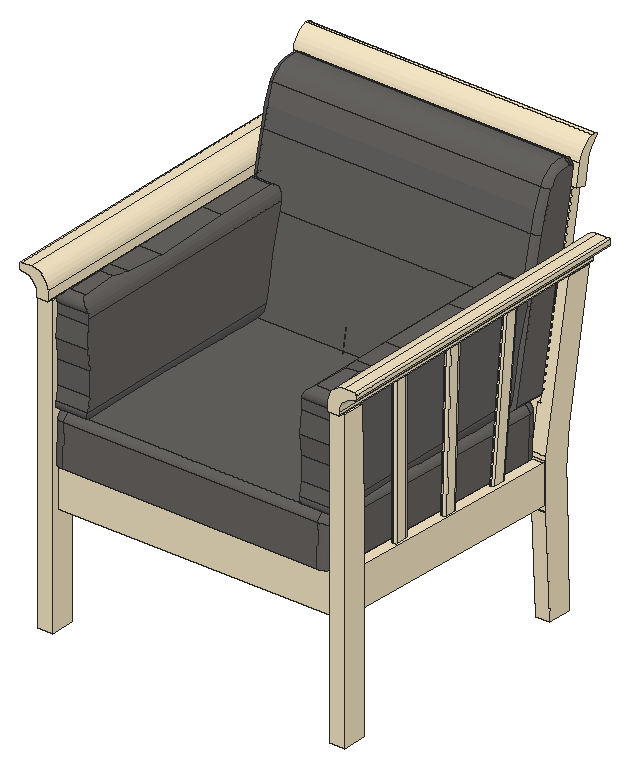
Revit family
Parameters
  Width (mm) = 700 mm
  Weight Net (kg) = 0 mm
  URL = "http://stolab.bimobject.com/8001"
  UNSPC Code = ""
  UNSPC Category = ""
  Product group = "Sundborn"
  Product family = "Easy Charirs-Sofas"
  Product data URL = ""
  Product SKU = "8001"
  Model = "Sundborn 8001"
  Material-Seat = Fabrics Linen
  Material-Legs = Birch_vert
  Manufacturer = "Stolab"
  Manufacture country = "Sweden"
  Installation instructions = ""
  IFC Classification = "Furniture"
  Height (mm) = 840 mm
  Edition number = "1"
  EAN code = ""
  Design country = "Sweden"
  Depth (mm) = 740 mm
  Date of publishing = ""
  BIM objet QR code URL = ""
  BIM object Category = "Furniture"
Reference planes
  plane 1 "Center (Front/Back)": y = 0
  plane 2: z = 0
  plane 3 "Center (Left/Right)": x = 0
Forms (mm)
  Extrusion 1, solid, material "Birch_vert" <- "Material-Legs"
    sketch origin (0, 1500, 0) x (1, 0, 0) y (0, 1, 0)
      loop
        line (-290, -1825.601) -> (290, -1825.601) -> (290, -1800.601) -> (-290, -1800.601) -> (-290, -1825.601)
    from 230 to 320
  Extrusion 2, solid, material "Fabrics Linen" <- "Material-Seat"
    sketch origin (0, 2343.751, 226.177) x (0, 0.999371, -0.035452) y (-1, 0, 0)
      loop
        arc (-2141.621, 263.981) -> (-2148.943, 281.658) -> (-2166.621, 288.981) r 25
        line (-2166.621, 288.981) -> (-2666.77, 288.981)
        arc (-2666.77, 288.981) -> (-2684.447, 281.658) -> (-2691.77, 263.981) r 25
        line (-2691.77, 263.981) -> (-2691.77, -267.905)
        arc (-2691.77, -267.905) -> (-2684.447, -285.583) -> (-2666.77, -292.905) r 25
        line (-2666.77, -292.905) -> (-2166.621, -292.905)
        arc (-2166.621, -292.905) -> (-2148.943, -285.583) -> (-2141.621, -267.905) r 25
        line (-2141.621, -267.905) -> (-2141.621, 263.981)
    from 0 to 100.295
  Extrusion 3, solid, material "Birch_vert" <- "Material-Legs"
    sketch origin (0, 0, 0) x (1, 0, 0) y (0, 1, 0)
      loop
        line (-320, 327.386) -> (-320, 176.168) -> (-290, 176.168) -> (-290, 327.386) -> (-320, 327.386)
    from 0 to 643.267
  Extrusion 4, void
    sketch origin (0, 0, 0) x (0, -1, 0) y (0, 0, 1)
      loop
        line (-248.437, 350.486) -> (-242.445, 266.014) -> (-243.885, 242.054) -> (-249.649, 0) -> (-199.649, 0) -> (-189.706, 208.772) -> (-189.649, 211.151) -> (-189.649, 305.199)
        arc (-189.649, 305.199) -> (-189.878, 309.98) -> (-190.564, 314.718) r 49.976
        line (-190.564, 314.718) -> (-250.768, 625) -> (-301.701, 625) -> (-248.437, 350.486)
      loop
        line (-356.073, 659.173) -> (-356.073, -20.827) -> (-156.073, -20.827) -> (-156.073, 659.173) -> (-356.073, 659.173)
    from 236.552 to 340.575
  Extrusion 5, solid, material "Birch_vert" <- "Material-Legs"
    sketch origin (0, 0, 0) x (-1, 0, 0) y (0, -1, 0)
      loop
        line (-320, -327.386) -> (-290, -327.386) -> (-290, -176.168) -> (-320, -176.168) -> (-320, -327.386)
    from 0 to 643.267
  Extrusion 6, void
    sketch origin (0, 0, 0) x (0, -1, 0) y (0, 0, -1)
      loop
        line (-248.437, -350.486) -> (-301.701, -625) -> (-250.768, -625) -> (-190.564, -314.718)
        arc (-190.564, -314.718) -> (-189.878, -309.98) -> (-189.649, -305.199) r 49.976
        line (-189.649, -305.199) -> (-189.649, -211.151) -> (-189.706, -208.772) -> (-199.649, 0) -> (-249.649, 0) -> (-243.885, -242.054) -> (-242.445, -266.014) -> (-248.437, -350.486)
      loop
        line (-356.073, -659.173) -> (-156.073, -659.173) -> (-156.073, 20.827) -> (-356.073, 20.827) -> (-356.073, -659.173)
    from 236.552 to 340.575
  Extrusion 7, solid, material "Birch_vert" <- "Material-Legs"
    sketch origin (0, 0, 0) x (0, 1, 0) y (0, 0, 1)
      loop
        line (-288.351, 425) -> (-293.351, 625) -> (-338.351, 625) -> (-338.351, 0) -> (-288.351, 0) -> (-288.351, 425)
    from -321.42 to -290
  Extrusion 8, solid, material "Birch_vert" <- "Material-Legs"
    sketch origin (0, 0, 0) x (0, 1, 0) y (0, 0, -1)
      loop
        line (-288.351, -425) -> (-288.351, 0) -> (-338.351, 0) -> (-338.351, -625) -> (-293.351, -625) -> (-288.351, -425)
    from -321.42 to -290
  Sweep 9, solid, material "Fabrics Linen" <- "Material-Seat"
    path origin (586.615, -1540.25, 527.009) x (1, 0, 0) y (0, 1, 0)
      loop
        line (-277.233, 1205.494) -> (-277.233, 1737.895)
    profile origin (309.382, -68.556, 527.009) x (-1, 0, 0) y (0, 0, 1)
      loop
        arc (86.558, 84.263) -> (51.542, 119.248) -> (16.558, 84.232) r 35
        line (16.558, 84.232) -> (16.636, -92.114)
        arc (16.636, -92.114) -> (51.652, -127.099) -> (86.636, -92.083) r 35
        line (86.636, -92.083) -> (86.558, 84.263)
  Extrusion 10, void
    sketch origin (295, 321.25, 1205) x (0, -1, 0) y (0, 0, -1)
      loop
        arc (653.709, 769.269) -> (651.812, 782.243) -> (639.547, 786.876) r 12.919
        line (639.547, 786.876) -> (624.163, 786.196) -> (613.584, 784.55) -> (444.646, 782.997) -> (275.967, 791.202) -> (192.384, 800.132) -> (179.819, 733.674) -> (171.206, 686.908) -> (156.408, 634.467) -> (148.471, 610.74) -> (143.7, 576.482)
        arc (143.7, 576.482) -> (146.267, 568.486) -> (154.12, 565.512) r 9.672
        line (154.12, 565.512) -> (283.271, 565.302) -> (442.402, 568.817) -> (524.664, 565.237) -> (558.896, 560.977) -> (632.387, 563.543)
        arc (632.387, 563.543) -> (648.447, 569.143) -> (649.533, 586.117) r 15.384
        line (649.533, 586.117) -> (649.533, 608.574)
        arc (649.533, 608.574) -> (652.44, 630.108) -> (653.316, 651.819) r 231.492
        arc (653.316, 651.819) -> (651.165, 672.563) -> (648.426, 693.237) r 734.176
        line (648.426, 693.237) -> (648.426, 742.09) -> (653.709, 769.269)
      loop
        line (670, 553.732) -> (670, 808.4) -> (115, 808.4) -> (115, 553.732) -> (670, 553.732)
    from -125.095 to 66.292
  Sweep 11, void
    path in 3D
      loop
        arc (267.905, -342.771, 421.837) -> (285.583, -335.453, 421.577) -> (292.905, -317.786, 420.95) r 25
        line (292.905, -317.786, 420.95) -> (292.905, 182.048, 403.219)
        arc (292.905, 182.048, 403.219) -> (285.583, 199.714, 402.593) -> (267.905, 207.032, 402.333) r 25
        line (267.905, 207.032, 402.333) -> (-263.981, 207.032, 402.333)
        arc (-263.981, 207.032, 402.333) -> (-281.658, 199.714, 402.593) -> (-288.981, 182.048, 403.219) r 25
        line (-288.981, 182.048, 403.219) -> (-288.981, -317.786, 420.95)
        arc (-288.981, -317.786, 420.95) -> (-281.658, -335.453, 421.577) -> (-263.981, -342.771, 421.837) r 25
        line (-263.981, -342.771, 421.837) -> (267.905, -342.771, 421.837)
    profile origin (1.962, -342.771, 421.837) x (0, 0.999371, -0.035452) y (0, 0.035452, 0.999371)
      loop
        line (15.827, 0.326) -> (-0.173, 0.326) -> (-0.173, -16.775)
        arc (-0.173, -16.775) -> (4.832, -5.422) -> (15.827, 0.326) r 18.762
  Extrusion 12, solid, material "Fabrics Linen" <- "Material-Seat"
    sketch origin (0, 0, 0) x (0, 1, 0) y (0, 0, 1)
      loop
        line (133.209, 405.145) -> (226.13, 402.241) -> (303.668, 801.863)
        arc (303.668, 801.863) -> (301.141, 812.725) -> (292.139, 819.306) r 16.02
        line (292.139, 819.306) -> (286.885, 820.793)
        arc (286.885, 820.793) -> (251.119, 816.556) -> (225.76, 790.981) r 54.64
        arc (225.76, 790.981) -> (210.774, 753.431) -> (200.827, 714.243) r 308.528
        line (200.827, 714.243) -> (171.379, 592.525) -> (133.209, 405.145)
    from -293.5 to 293.5
  Sweep 13, void
    path in 3D
      loop
        line (293.5, 226.13, 402.241) -> (293.5, 303.668, 801.863)
        arc (293.5, 303.668, 801.863) -> (293.5, 301.141, 812.725) -> (293.5, 292.139, 819.306) r 16.02
        line (293.5, 292.139, 819.306) -> (293.5, 286.885, 820.793)
        arc (293.5, 286.885, 820.793) -> (293.5, 251.119, 816.556) -> (293.5, 225.76, 790.981) r 54.64
        arc (293.5, 225.76, 790.981) -> (293.5, 210.774, 753.431) -> (293.5, 200.827, 714.243) r 308.528
        line (293.5, 200.827, 714.243) -> (293.5, 171.379, 592.525) -> (293.5, 133.209, 405.145) -> (293.5, 226.13, 402.241)
    profile origin (293.5, 179.67, 403.693) x (0, 0.031233, 0.999512) y (1, 0, 0)
      loop
        line (-2.273, 1.874) -> (-2.273, -24.771)
        arc (-2.273, -24.771) -> (2.419, -8.897) -> (14.987, 1.874) r 29.195
        line (14.987, 1.874) -> (-2.273, 1.874)
      loop
        line (-2.273, -588.874) -> (14.987, -588.874)
        arc (14.987, -588.874) -> (2.419, -578.103) -> (-2.273, -562.229) r 29.195
        line (-2.273, -562.229) -> (-2.273, -588.874)
  Extrusion 14, solid, material "Birch_vert" <- "Material-Legs"
    sketch origin (0, 1910, 0) x (1, 0, 0) y (0, 1, 0)
      loop
        line (-290, -1706.101) -> (290, -1706.101) -> (290, -1681.101) -> (-290, -1681.101) -> (-290, -1706.101)
    from 215 to 305
  Extrusion 15, solid, material "Birch_vert" <- "Material-Legs"
    sketch origin (0, 0, 0) x (0, 1, 0) y (0, 0, 1)
      loop
        line (189.649, 221.689) -> (189.649, 301.738) -> (-288.351, 318.43) -> (-288.351, 238.381) -> (189.649, 221.689)
    from -316 to -294
  Extrusion 16, solid, material "Birch_vert" <- "Material-Legs"
    sketch origin (0, 0, 0) x (0, 1, 0) y (0, 0, -1)
      loop
        line (189.649, -221.689) -> (-288.351, -238.381) -> (-288.351, -318.43) -> (189.649, -301.738) -> (189.649, -221.689)
    from -316 to -294
  Blend 17, solid, material "Birch_vert" <- "Material-Legs"
    base sketch origin (-147.502, 0, 0) x (1, 0, 0) y (0, 1, 0)
      loop
        arc (-11.5, 221.714) -> (-14.231, 220.641) -> (-15.5, 217.996) r 4.011
        line (-15.5, 217.996) -> (-15.5, 215.246)
        arc (-15.5, 215.246) -> (-14.411, 212.616) -> (-11.782, 211.527) r 3.718
        line (-11.782, 211.527) -> (10.786, 211.527)
        arc (10.786, 211.527) -> (13.415, 212.616) -> (14.504, 215.246) r 3.718
        line (14.504, 215.246) -> (14.504, 217.996)
        arc (14.504, 217.996) -> (13.235, 220.641) -> (10.504, 221.714) r 4.011
        line (10.504, 221.714) -> (-11.5, 221.714)
    top sketch origin (-147.502, 0, 0) x (1, 0, 0) y (0, 1, 0)
      loop
        arc (-11.5, 311.301) -> (-14.231, 310.228) -> (-15.5, 307.583) r 4.011
        line (-15.5, 307.583) -> (-15.5, 304.832)
        arc (-15.5, 304.832) -> (-14.411, 302.203) -> (-11.782, 301.114) r 3.718
        line (-11.782, 301.114) -> (10.786, 301.114)
        arc (10.786, 301.114) -> (13.415, 302.203) -> (14.504, 304.832) r 3.718
        line (14.504, 304.832) -> (14.504, 307.583)
        arc (14.504, 307.583) -> (13.235, 310.228) -> (10.504, 311.301) r 4.011
        line (10.504, 311.301) -> (-11.5, 311.301)
    from 305 to 765.88
  Blend 18, solid, material "Birch_vert" <- "Material-Legs"
    base sketch origin (147.502, 0, 0) x (-1, 0, 0) y (0, -1, 0)
      loop
        line (-11.5, -221.714) -> (10.504, -221.714)
        arc (10.504, -221.714) -> (13.235, -220.641) -> (14.504, -217.996) r 4.011
        line (14.504, -217.996) -> (14.504, -215.246)
        arc (14.504, -215.246) -> (13.415, -212.616) -> (10.786, -211.527) r 3.718
        line (10.786, -211.527) -> (-11.782, -211.527)
        arc (-11.782, -211.527) -> (-14.411, -212.616) -> (-15.5, -215.246) r 3.718
        line (-15.5, -215.246) -> (-15.5, -217.996)
        arc (-15.5, -217.996) -> (-14.231, -220.641) -> (-11.5, -221.714) r 4.011
    top sketch origin (147.502, 0, 0) x (-1, 0, 0) y (0, -1, 0)
      loop
        line (-11.5, -311.301) -> (10.504, -311.301)
        arc (10.504, -311.301) -> (13.235, -310.228) -> (14.504, -307.583) r 4.011
        line (14.504, -307.583) -> (14.504, -304.832)
        arc (14.504, -304.832) -> (13.415, -302.203) -> (10.786, -301.114) r 3.718
        line (10.786, -301.114) -> (-11.782, -301.114)
        arc (-11.782, -301.114) -> (-14.411, -302.203) -> (-15.5, -304.832) r 3.718
        line (-15.5, -304.832) -> (-15.5, -307.583)
        arc (-15.5, -307.583) -> (-14.231, -310.228) -> (-11.5, -311.301) r 4.011
    from 305 to 765.88
  Blend 19, solid, material "Birch_vert" <- "Material-Legs"
    base sketch origin (-270.002, 5.603, 0) x (1, 0, 0) y (0, 1, 0)
      loop
        line (-20.498, 221.714) -> (-20.498, 200.321) -> (19.502, 200.321) -> (19.502, 221.714) -> (-20.498, 221.714)
    top sketch origin (-270.002, 5.603, 0) x (1, 0, 0) y (0, 1, 0)
      loop
        line (-20.498, 311.253) -> (-20.498, 290.327) -> (19.502, 290.327) -> (19.502, 311.253) -> (-20.498, 311.253)
    from 305 to 765.631
  Blend 20, solid, material "Birch_vert" <- "Material-Legs"
    base sketch origin (270.002, 5.603, 0) x (-1, 0, 0) y (0, -1, 0)
      loop
        line (-20.498, -221.714) -> (19.502, -221.714) -> (19.502, -200.321) -> (-20.498, -200.321) -> (-20.498, -221.714)
    top sketch origin (270.002, 5.603, 0) x (-1, 0, 0) y (0, -1, 0)
      loop
        line (-20.498, -311.253) -> (19.502, -311.253) -> (19.502, -290.327) -> (-20.498, -290.327) -> (-20.498, -311.253)
    from 305 to 765.631
  Blend 21, solid, material "Birch_vert" <- "Material-Legs"
    base sketch origin (-0.002, 0, 0) x (1, 0, 0) y (0, 1, 0)
      loop
        arc (-11.5, 221.714) -> (-14.231, 220.641) -> (-15.5, 217.996) r 4.011
        line (-15.5, 217.996) -> (-15.5, 215.246)
        arc (-15.5, 215.246) -> (-14.411, 212.616) -> (-11.782, 211.527) r 3.718
        line (-11.782, 211.527) -> (10.786, 211.527)
        arc (10.786, 211.527) -> (13.415, 212.616) -> (14.504, 215.246) r 3.718
        line (14.504, 215.246) -> (14.504, 217.996)
        arc (14.504, 217.996) -> (13.235, 220.641) -> (10.504, 221.714) r 4.011
        line (10.504, 221.714) -> (-11.5, 221.714)
    top sketch origin (-0.002, 0, 0) x (1, 0, 0) y (0, 1, 0)
      loop
        arc (-11.5, 311.301) -> (-14.231, 310.228) -> (-15.5, 307.583) r 4.011
        line (-15.5, 307.583) -> (-15.5, 304.832)
        arc (-15.5, 304.832) -> (-14.411, 302.203) -> (-11.782, 301.114) r 3.718
        line (-11.782, 301.114) -> (10.786, 301.114)
        arc (10.786, 301.114) -> (13.415, 302.203) -> (14.504, 304.832) r 3.718
        line (14.504, 304.832) -> (14.504, 307.583)
        arc (14.504, 307.583) -> (13.235, 310.228) -> (10.504, 311.301) r 4.011
        line (10.504, 311.301) -> (-11.5, 311.301)
    from 305 to 765.88
  Extrusion 22, solid, material "Birch_vert" <- "Material-Legs"
    sketch origin (0, 0, 0) x (0, 1, 0) y (0, 0, 1)
      loop
        line (316.061, 761.622) -> (324.671, 805.921)
        arc (324.671, 805.921) -> (332.18, 826.009) -> (345.816, 842.56) r 64.997
        arc (345.816, 842.56) -> (346.773, 845.55) -> (344.563, 847.779) r 3.026
        arc (344.563, 847.779) -> (341.038, 847.963) -> (337.535, 847.534) r 20.304
        arc (337.535, 847.534) -> (315.638, 833.322) -> (304.057, 809.928) r 49.343
        line (304.057, 809.928) -> (295.447, 765.629) -> (316.061, 761.622)
    from -300.5 to 300.5
  Extrusion 23, solid, material "Birch_vert" <- "Material-Legs"
    sketch origin (0, 0, 0) x (1, 0, 0) y (0, 0, 1)
      loop
        arc (-352.511, 667.749) -> (-351.639, 665.645) -> (-349.535, 664.773) r 2.976
        arc (-349.535, 664.773) -> (-326.992, 656.504) -> (-317.5, 634.448) r 30.371
        line (-317.5, 634.448) -> (-317.5, 627) -> (-315.5, 625) -> (-294.5, 625) -> (-292.54, 627) -> (-292.916, 645.896)
        arc (-292.916, 645.896) -> (-303.795, 670.092) -> (-328.405, 680) r 35.517
        line (-328.405, 680) -> (-349.5, 680)
        arc (-349.5, 680) -> (-351.621, 679.121) -> (-352.5, 677) r 3
        line (-352.5, 677) -> (-352.511, 667.749)
    from -316.075 to 346.851
  Extrusion 24, solid, material "Birch_vert" <- "Material-Legs"
    sketch origin (0, 0, 0) x (-1, 0, 0) y (0, 0, -1)
      loop
        line (-352.511, -667.749) -> (-352.5, -677)
        arc (-352.5, -677) -> (-351.621, -679.121) -> (-349.5, -680) r 3
        line (-349.5, -680) -> (-328.405, -680)
        arc (-328.405, -680) -> (-303.795, -670.092) -> (-292.916, -645.896) r 35.517
        line (-292.916, -645.896) -> (-292.54, -627) -> (-294.5, -625) -> (-315.5, -625) -> (-317.5, -627) -> (-317.5, -634.448)
        arc (-317.5, -634.448) -> (-326.992, -656.504) -> (-349.535, -664.773) r 30.371
        arc (-349.535, -664.773) -> (-351.639, -665.645) -> (-352.511, -667.749) r 2.976
    from -316.075 to 346.851
  Sweep 25, solid, material "Fabrics Linen" <- "Material-Seat"
    path origin (-586.615, -1540.25, 527.009) x (-1, 0, 0) y (0, -1, 0)
      loop
        line (-277.233, -1205.494) -> (-277.233, -1737.895)
    profile origin (-309.382, -68.556, 527.009) x (-1, 0, 0) y (0, 0, 1)
      loop
        line (-86.558, 84.263) -> (-86.636, -92.083)
        arc (-86.636, -92.083) -> (-51.652, -127.099) -> (-16.636, -92.114) r 35
        line (-16.636, -92.114) -> (-16.558, 84.232)
        arc (-16.558, 84.232) -> (-51.542, 119.248) -> (-86.558, 84.263) r 35
  Extrusion 26, void
    sketch origin (-295, 321.25, 1205) x (0, -1, 0) y (0, 0, 1)
      loop
        line (653.709, -769.269) -> (648.426, -742.09) -> (648.426, -693.237)
        arc (648.426, -693.237) -> (651.165, -672.563) -> (653.316, -651.819) r 734.176
        arc (653.316, -651.819) -> (652.44, -630.108) -> (649.533, -608.574) r 231.492
        line (649.533, -608.574) -> (649.533, -586.117)
        arc (649.533, -586.117) -> (648.447, -569.143) -> (632.387, -563.543) r 15.384
        line (632.387, -563.543) -> (558.896, -560.977) -> (524.664, -565.237) -> (442.402, -568.817) -> (283.271, -565.302) -> (154.12, -565.512)
        arc (154.12, -565.512) -> (146.267, -568.486) -> (143.7, -576.482) r 9.672
        line (143.7, -576.482) -> (148.471, -610.74) -> (156.408, -634.467) -> (171.206, -686.908) -> (179.819, -733.674) -> (192.384, -800.132) -> (275.967, -791.202) -> (444.646, -782.997) -> (613.584, -784.55) -> (624.163, -786.196) -> (639.547, -786.876)
        arc (639.547, -786.876) -> (651.812, -782.243) -> (653.709, -769.269) r 12.919
      loop
        line (670, -553.732) -> (115, -553.732) -> (115, -808.4) -> (670, -808.4) -> (670, -553.732)
    from -125.095 to 66.292
  Blend 27, solid, material "Birch_vert" <- "Material-Legs"
    base sketch origin (-88.473, -176.528, 0) x (0.005556, 0.999985, 0) y (-0.999985, 0.005556, 0)
      loop
        arc (-11.5, 221.714) -> (-14.231, 220.641) -> (-15.5, 217.996) r 4.011
        line (-15.5, 217.996) -> (-15.5, 215.246)
        arc (-15.5, 215.246) -> (-14.411, 212.616) -> (-11.782, 211.527) r 3.718
        line (-11.782, 211.527) -> (10.786, 211.527)
        arc (10.786, 211.527) -> (13.415, 212.616) -> (14.504, 215.246) r 3.718
        line (14.504, 215.246) -> (14.504, 217.996)
        arc (14.504, 217.996) -> (13.235, 220.641) -> (10.504, 221.714) r 4.011
        line (10.504, 221.714) -> (-11.5, 221.714)
    top sketch origin (-88.473, -176.528, 0) x (0.005556, 0.999985, 0) y (-0.999985, 0.005556, 0)
      loop
        arc (-11.5, 221.712) -> (-14.231, 220.638) -> (-15.5, 217.993) r 4.011
        line (-15.5, 217.993) -> (-15.5, 215.243)
        arc (-15.5, 215.243) -> (-14.411, 212.614) -> (-11.782, 211.524) r 3.718
        line (-11.782, 211.524) -> (10.786, 211.524)
        arc (10.786, 211.524) -> (13.415, 212.614) -> (14.504, 215.243) r 3.718
        line (14.504, 215.243) -> (14.504, 217.993)
        arc (14.504, 217.993) -> (13.235, 220.638) -> (10.504, 221.712) r 4.011
        line (10.504, 221.712) -> (-11.5, 221.712)
    from 314.884 to 625
  Blend 28, solid, material "Birch_vert" <- "Material-Legs"
    base sketch origin (-88.473, -37.117, 0) x (0.005556, 0.999985, 0) y (-0.999985, 0.005556, 0)
      loop
        arc (-22.86, 221.651) -> (-25.591, 220.578) -> (-26.86, 217.933) r 4.011
        line (-26.86, 217.933) -> (-26.86, 215.182)
        arc (-26.86, 215.182) -> (-25.771, 212.553) -> (-23.142, 211.464) r 3.718
        line (-23.142, 211.464) -> (-0.575, 211.464)
        arc (-0.575, 211.464) -> (2.054, 212.553) -> (3.144, 215.182) r 3.718
        line (3.144, 215.182) -> (3.144, 217.933)
        arc (3.144, 217.933) -> (1.874, 220.578) -> (-0.856, 221.651) r 4.011
        line (-0.856, 221.651) -> (-22.86, 221.651)
    top sketch origin (-88.473, -37.117, 0) x (0.005556, 0.999985, 0) y (-0.999985, 0.005556, 0)
      loop
        arc (-11.812, 221.651) -> (-14.543, 220.578) -> (-15.812, 217.933) r 4.011
        line (-15.812, 217.933) -> (-15.812, 215.182)
        arc (-15.812, 215.182) -> (-14.723, 212.553) -> (-12.094, 211.464) r 3.718
        line (-12.094, 211.464) -> (10.473, 211.464)
        arc (10.473, 211.464) -> (13.103, 212.553) -> (14.192, 215.182) r 3.718
        line (14.192, 215.182) -> (14.192, 217.933)
        arc (14.192, 217.933) -> (12.922, 220.578) -> (10.192, 221.651) r 4.011
        line (10.192, 221.651) -> (-11.812, 221.651)
    from 309.88 to 625
  Blend 29, solid, material "Birch_vert" <- "Material-Legs"
    base sketch origin (-88.473, 90.815, 0) x (0.005556, 0.999985, 0) y (-0.999985, 0.005556, 0)
      loop
        arc (-22.86, 221.651) -> (-25.591, 220.578) -> (-26.86, 217.933) r 4.011
        line (-26.86, 217.933) -> (-26.86, 215.182)
        arc (-26.86, 215.182) -> (-25.771, 212.553) -> (-23.142, 211.464) r 3.718
        line (-23.142, 211.464) -> (-0.575, 211.464)
        arc (-0.575, 211.464) -> (2.054, 212.553) -> (3.144, 215.182) r 3.718
        line (3.144, 215.182) -> (3.144, 217.933)
        arc (3.144, 217.933) -> (1.874, 220.578) -> (-0.856, 221.651) r 4.011
        line (-0.856, 221.651) -> (-22.86, 221.651)
    top sketch origin (-88.473, 90.815, 0) x (0.005556, 0.999985, 0) y (-0.999985, 0.005556, 0)
      loop
        arc (10.659, 221.776) -> (7.928, 220.703) -> (6.659, 218.058) r 4.011
        line (6.659, 218.058) -> (6.659, 215.307)
        arc (6.659, 215.307) -> (7.748, 212.678) -> (10.377, 211.589) r 3.718
        line (10.377, 211.589) -> (32.945, 211.589)
        arc (32.945, 211.589) -> (35.574, 212.678) -> (36.663, 215.307) r 3.718
        line (36.663, 215.307) -> (36.663, 218.058)
        arc (36.663, 218.058) -> (35.393, 220.703) -> (32.663, 221.776) r 4.011
        line (32.663, 221.776) -> (10.659, 221.776)
    from 309.88 to 625
  Blend 30, solid, material "Birch_vert" <- "Material-Legs"
    base sketch origin (88.473, -176.528, 0) x (-0.005556, 0.999985, 0) y (-0.999985, -0.005556, 0)
      loop
        line (-11.5, -221.714) -> (10.504, -221.714)
        arc (10.504, -221.714) -> (13.235, -220.641) -> (14.504, -217.996) r 4.011
        line (14.504, -217.996) -> (14.504, -215.246)
        arc (14.504, -215.246) -> (13.415, -212.616) -> (10.786, -211.527) r 3.718
        line (10.786, -211.527) -> (-11.782, -211.527)
        arc (-11.782, -211.527) -> (-14.411, -212.616) -> (-15.5, -215.246) r 3.718
        line (-15.5, -215.246) -> (-15.5, -217.996)
        arc (-15.5, -217.996) -> (-14.231, -220.641) -> (-11.5, -221.714) r 4.011
    top sketch origin (88.473, -176.528, 0) x (-0.005556, 0.999985, 0) y (-0.999985, -0.005556, 0)
      loop
        line (-11.5, -221.712) -> (10.504, -221.712)
        arc (10.504, -221.712) -> (13.235, -220.638) -> (14.504, -217.993) r 4.011
        line (14.504, -217.993) -> (14.504, -215.243)
        arc (14.504, -215.243) -> (13.415, -212.614) -> (10.786, -211.524) r 3.718
        line (10.786, -211.524) -> (-11.782, -211.524)
        arc (-11.782, -211.524) -> (-14.411, -212.614) -> (-15.5, -215.243) r 3.718
        line (-15.5, -215.243) -> (-15.5, -217.993)
        arc (-15.5, -217.993) -> (-14.231, -220.638) -> (-11.5, -221.712) r 4.011
    from 314.884 to 625
  Blend 31, solid, material "Birch_vert" <- "Material-Legs"
    base sketch origin (88.473, -37.117, 0) x (-0.005556, 0.999985, 0) y (-0.999985, -0.005556, 0)
      loop
        line (-22.86, -221.651) -> (-0.856, -221.651)
        arc (-0.856, -221.651) -> (1.874, -220.578) -> (3.144, -217.933) r 4.011
        line (3.144, -217.933) -> (3.144, -215.182)
        arc (3.144, -215.182) -> (2.054, -212.553) -> (-0.575, -211.464) r 3.718
        line (-0.575, -211.464) -> (-23.142, -211.464)
        arc (-23.142, -211.464) -> (-25.771, -212.553) -> (-26.86, -215.182) r 3.718
        line (-26.86, -215.182) -> (-26.86, -217.933)
        arc (-26.86, -217.933) -> (-25.591, -220.578) -> (-22.86, -221.651) r 4.011
    top sketch origin (88.473, -37.117, 0) x (-0.005556, 0.999985, 0) y (-0.999985, -0.005556, 0)
      loop
        line (-11.812, -221.651) -> (10.192, -221.651)
        arc (10.192, -221.651) -> (12.922, -220.578) -> (14.192, -217.933) r 4.011
        line (14.192, -217.933) -> (14.192, -215.182)
        arc (14.192, -215.182) -> (13.103, -212.553) -> (10.473, -211.464) r 3.718
        line (10.473, -211.464) -> (-12.094, -211.464)
        arc (-12.094, -211.464) -> (-14.723, -212.553) -> (-15.812, -215.182) r 3.718
        line (-15.812, -215.182) -> (-15.812, -217.933)
        arc (-15.812, -217.933) -> (-14.543, -220.578) -> (-11.812, -221.651) r 4.011
    from 309.88 to 625
  Blend 32, solid, material "Birch_vert" <- "Material-Legs"
    base sketch origin (88.473, 90.815, 0) x (-0.005556, 0.999985, 0) y (-0.999985, -0.005556, 0)
      loop
        line (-22.86, -221.651) -> (-0.856, -221.651)
        arc (-0.856, -221.651) -> (1.874, -220.578) -> (3.144, -217.933) r 4.011
        line (3.144, -217.933) -> (3.144, -215.182)
        arc (3.144, -215.182) -> (2.054, -212.553) -> (-0.575, -211.464) r 3.718
        line (-0.575, -211.464) -> (-23.142, -211.464)
        arc (-23.142, -211.464) -> (-25.771, -212.553) -> (-26.86, -215.182) r 3.718
        line (-26.86, -215.182) -> (-26.86, -217.933)
        arc (-26.86, -217.933) -> (-25.591, -220.578) -> (-22.86, -221.651) r 4.011
    top sketch origin (88.473, 90.815, 0) x (-0.005556, 0.999985, 0) y (-0.999985, -0.005556, 0)
      loop
        line (10.659, -221.776) -> (32.663, -221.776)
        arc (32.663, -221.776) -> (35.393, -220.703) -> (36.663, -218.058) r 4.011
        line (36.663, -218.058) -> (36.663, -215.307)
        arc (36.663, -215.307) -> (35.574, -212.678) -> (32.945, -211.589) r 3.718
        line (32.945, -211.589) -> (10.377, -211.589)
        arc (10.377, -211.589) -> (7.748, -212.678) -> (6.659, -215.307) r 3.718
        line (6.659, -215.307) -> (6.659, -218.058)
        arc (6.659, -218.058) -> (7.928, -220.703) -> (10.659, -221.776) r 4.011
    from 309.88 to 625
Cuts and joins
  Extrusion 4, Extrusion 6, Extrusion 10 cuts Extrusion 3
  Extrusion 6, Sweep 11, Sweep 13, Extrusion 26 cuts Extrusion 5
  Extrusion 10 cuts Extrusion 7
  Extrusion 10, Extrusion 26 cuts Sweep 9
  Sweep 11 cuts Extrusion 2
  Sweep 11, Extrusion 26 cuts Extrusion 8
  Sweep 13 cuts Extrusion 12
  Extrusion 26 cuts Blend 17
  Extrusion 26 cuts Blend 18
  Extrusion 26 cuts Blend 19
  Extrusion 26 cuts Blend 20
  Extrusion 26 cuts Blend 21
  Extrusion 26 cuts Extrusion 22
  joined: Blend 17, Blend 18, Blend 19, Blend 20, Blend 21, Extrusion 22
  Extrusion 26 cuts Extrusion 24
  Extrusion 26 cuts Sweep 25
Lines and regions (mm)
  Masking region 1
    outline origin (0, 0, 0) x (1, 0, 0) y (0, 1, 0)
      loop
        spline (263.981, -346.326) -> (266.325, -346.216) -> (268.649, -345.887) -> (270.932, -345.341) -> (273.154, -344.584) -> (275.295, -343.621) -> (277.336, -342.463) -> (279.259, -341.118) -> (281.048, -339.598) -> (282.686, -337.918) -> (284.159, -336.092) -> (285.454, -334.135) -> (286.56, -332.066)
        line (286.56, -332.066) -> (290, -332.066) -> (290, -338.351) -> (292.54, -338.351) -> (292.54, -346.851) -> (352.511, -346.851) -> (352.511, 316.075) -> (300.5, 316.075) -> (300.5, 346.856) -> (-300.5, 346.856) -> (-300.5, 316.075) -> (-352.511, 316.075) -> (-352.511, -346.851) -> (-292.54, -346.851) -> (-292.54, -338.351) -> (-290, -338.351) -> (-290, -332.066) -> (-286.56, -332.066)
        spline (-286.56, -332.066) -> (-285.454, -334.135) -> (-284.159, -336.092) -> (-282.686, -337.918) -> (-281.048, -339.598) -> (-279.259, -341.118) -> (-277.336, -342.463) -> (-275.295, -343.621) -> (-273.154, -344.584) -> (-270.932, -345.341) -> (-268.649, -345.887) -> (-266.325, -346.216) -> (-263.981, -346.326)
        line (-263.981, -346.326) -> (263.981, -346.326)
  sketch lines
    curve 1: line (-263.981, -342.771, 421.837) -> (267.905, -342.771, 421.837)
    curve 2: arc (-263.981, -342.771, 421.837) -> (-281.658, -335.453, 421.577) -> (-288.981, -317.786, 420.95) r 25
    curve 3: line (-288.981, 182.048, 403.219) -> (-288.981, -317.786, 420.95)
    curve 4: arc (-288.981, 182.048, 403.219) -> (-281.658, 199.714, 402.593) -> (-263.981, 207.032, 402.333) r 25
    curve 5: line (267.905, 207.032, 402.333) -> (-263.981, 207.032, 402.333)
    curve 6: arc (267.905, 207.032, 402.333) -> (285.583, 199.714, 402.593) -> (292.905, 182.048, 403.219) r 25
    curve 7: line (292.905, -317.786, 420.95) -> (292.905, 182.048, 403.219)
    curve 8: arc (292.905, -317.786, 420.95) -> (285.583, -335.453, 421.577) -> (267.905, -342.771, 421.837) r 25
    curve 9: line (293.5, 133.209, 405.145) -> (293.5, 226.13, 402.241)
    curve 10: line (293.5, 171.379, 592.525) -> (293.5, 133.209, 405.145)
    curve 11: line (293.5, 200.827, 714.243) -> (293.5, 171.379, 592.525)
    curve 12: arc (293.5, 200.827, 714.243) -> (293.5, 210.774, 753.431) -> (293.5, 225.76, 790.981) r 308.528
    curve 13: arc (293.5, 225.76, 790.981) -> (293.5, 251.119, 816.556) -> (293.5, 286.885, 820.793) r 54.64
    curve 14: line (293.5, 292.139, 819.306) -> (293.5, 286.885, 820.793)
    curve 15: arc (293.5, 292.139, 819.306) -> (293.5, 301.141, 812.725) -> (293.5, 303.668, 801.863) r 16.02
    curve 16: line (293.5, 226.13, 402.241) -> (293.5, 303.668, 801.863)
  symbolic lines, detail levels medium+fine
    curve 17: line (-290, -332.066, 0) -> (-290, 316.075, 0)
    curve 18: line (-300.5, 316.075, 0) -> (-290, 316.075, 0)
    curve 19: arc (-290, -318.045, 0) -> (-288.883, -325.203, 0) -> (-286.561, -332.066, 0) r 42.302
    curve 20: line (290, -332.066, 0) -> (290, 316.075, 0)
    curve 21: line (300.5, 316.075, 0) -> (290, 316.075, 0)
    curve 23: line (-280.024, 303.668, 0) -> (280.024, 303.668, 0)
    curve 24: spline (280.024, 303.668, 0) -> (280.957, 303.262, 0) -> (281.875, 302.824, 0) -> (282.777, 302.355, 0) -> (283.662, 301.855, 0) -> (284.529, 301.324, 0) -> (285.377, 300.764, 0) -> (286.204, 300.174, 0) -> (287.009, 299.557, 0) -> (287.793, 298.912, 0) -> (288.553, 298.24, 0) -> (289.289, 297.542, 0) -> (290, 296.819, 0)
    curve 25: spline (-290, 296.822, 0) -> (-289.289, 297.546, 0) -> (-288.553, 298.244, 0) -> (-287.793, 298.916, 0) -> (-287.009, 299.561, 0) -> (-286.203, 300.179, 0) -> (-285.376, 300.768, 0) -> (-284.529, 301.328, 0) -> (-283.662, 301.858, 0) -> (-282.777, 302.357, 0) -> (-281.875, 302.826, 0) -> (-280.957, 303.263, 0) -> (-280.024, 303.668, 0)
  symbolic lines, detail levels fine
    curve 22: arc (290, -318.045, 0) -> (288.883, -325.203, 0) -> (286.561, -332.066, 0) r 42.302
    curve 26: line (-280.082, 133.209, 0) -> (280.083, 133.209, 0)
    curve 27: spline (-290, 141.558, 0) -> (-289.339, 140.755, 0) -> (-288.646, 139.969, 0) -> (-287.921, 139.201, 0) -> (-287.164, 138.451, 0) -> (-286.376, 137.72, 0) -> (-285.559, 137.01, 0) -> (-284.713, 136.32, 0) -> (-283.839, 135.652, 0) -> (-282.938, 135.006, 0) -> (-282.011, 134.384, 0) -> (-281.058, 133.784, 0) -> (-280.082, 133.209, 0)
    curve 28: spline (280.083, 133.209, 0) -> (281.059, 133.78, 0) -> (282.012, 134.375, 0) -> (282.939, 134.995, 0) -> (283.84, 135.638, 0) -> (284.714, 136.303, 0) -> (285.56, 136.991, 0) -> (286.377, 137.7, 0) -> (287.164, 138.429, 0) -> (287.921, 139.179, 0) -> (288.646, 139.947, 0) -> (289.34, 140.734, 0) -> (290, 141.538, 0)
    curve 29: line (-222.743, 133.209, 0) -> (-222.743, -346.326, 0)
    curve 30: line (222.743, 133.209, 0) -> (222.743, -346.326, 0)
    curve 31: line (290, 228.899, 0) -> (-290, 228.899, 0)
Dimensions and locks
  aligned and locked: level to plane 2
